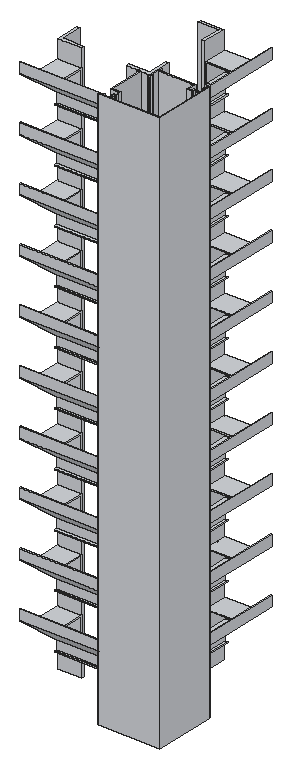
Revit family "ES-EL-4 (Box Corner)", category Mechanical Equipment, Revit 2015
Parameters
  URL = "http://unitedenertech.com/catalog/pdf/A_47%20ES-EL-4.pdf"
  Type Comments = "Size Limited to (12\"w x 12\"l)"
  Model = "ES-EL-4 (Box Corner)"
  Manufacturer = "United Enertech Corporation"
  Exact Height = 4' - 0"
  Description = "4\" Aluminum Equipment Screen Box Corner"
  Blade Spacing = 0' - 4.63"
  Blade Number [instance] = rounddown(Exact Height / 0' 4 161/256")  # 10
Reference planes (in)
  plane 1 "Center (Front/Back)": y = 0
  plane 2: z = 0
  plane 3 "Center (Left/Right)": x = 0
  plane 4: z = 48
  plane 5: x = -0.834
Forms (in)
  Extrusion 1, solid
    sketch origin (-14.58069, -2.54453, 0) x (1, 0, 0) y (0, 1, 0)
      loop
        line (12.58069, 2.54453) -> (14.58069, 2.54453) -> (14.58069, 4.54453) -> (14.33069, 4.54453) -> (14.33069, 2.79453) -> (12.58069, 2.79453) -> (12.58069, 2.54453)
    from 0 to 48
  Extrusion 2, solid
    sketch origin (1.86483, -3.79592, 0) x (-1, 0, 0) y (0, -1, 0)
      loop
        line (1.94583, -3.60792) -> (1.86483, -3.60792) -> (1.86483, -3.79592) -> (2.98983, -3.79592) -> (2.98983, -3.74592) -> (2.69883, -3.74592) -> (2.69883, -0.63392) -> (1.99183, -0.63392) -> (1.99183, -0.29592) -> (2.16083, -0.29592) -> (2.16083, 0.20408) -> (2.61783, 0.20408) -> (2.61783, 0.09708) -> (2.69883, 0.09708) -> (2.69883, 0.20408) -> (2.98983, 0.20408) -> (2.98983, 0.33708) -> (2.88037, 0.33708) -> (2.88037, 0.28508) -> (1.91083, 0.28508) -> (1.91083, 0.06608) -> (1.99183, 0.06608) -> (1.99183, 0.20408) -> (2.07983, 0.20408) -> (2.07983, -0.21492) -> (1.99183, -0.21492) -> (1.99183, -0.15292) -> (1.91083, -0.15292) -> (1.91083, -0.21492) -> (1.86483, -0.21492) -> (1.86483, -0.29592) -> (1.91083, -0.29592) -> (1.91083, -0.71492) -> (2.61783, -0.71492) -> (2.61783, -3.71492) -> (1.94583, -3.71492) -> (1.94583, -3.60792)
    from 0 to 48
  Extrusion 3, solid
    sketch origin (3.79592, -1.86483, 0) x (0, 1, 0) y (-1, 0, 0)
      loop
        line (1.94583, 3.60792) -> (1.94583, 3.71492) -> (2.61783, 3.71492) -> (2.61783, 0.71492) -> (1.91083, 0.71492) -> (1.91083, 0.29592) -> (1.86483, 0.29592) -> (1.86483, 0.21492) -> (1.91083, 0.21492) -> (1.91083, 0.15292) -> (1.99183, 0.15292) -> (1.99183, 0.21492) -> (2.07983, 0.21492) -> (2.07983, -0.20408) -> (1.99183, -0.20408) -> (1.99183, -0.06608) -> (1.91083, -0.06608) -> (1.91083, -0.28508) -> (2.88037, -0.28508) -> (2.88037, -0.33708) -> (2.98983, -0.33708) -> (2.98983, -0.20408) -> (2.69883, -0.20408) -> (2.69883, -0.09708) -> (2.61783, -0.09708) -> (2.61783, -0.20408) -> (2.16083, -0.20408) -> (2.16083, 0.29592) -> (1.99183, 0.29592) -> (1.99183, 0.63392) -> (2.69883, 0.63392) -> (2.69883, 3.74592) -> (2.98983, 3.74592) -> (2.98983, 3.79592) -> (1.86483, 3.79592) -> (1.86483, 3.60792) -> (1.94583, 3.60792)
    from 0 to 48
  Extrusion 4, solid
    sketch origin (0, 0, 0) x (1, 0, 0) y (0, 1, 0)
      loop
        line (-1.01554, -4.081) -> (-1.01554, -4.162) -> (4.162, -4.162) -> (4.162, 1.01554) -> (4.081, 1.01554) -> (4.081, -4.081) -> (-1.01554, -4.081)
    from 0 to 48
Dimensions and locks (in)
  "Exact Height": plane 4 to level
  nested 1 to Extrusion 4 = 0' - 11.99991"
  Extrusion 4 to nested 2 = 0' - 11.99991"
  equal spacing: group 1, group 2, group 3, group 4, group 5, group 6, group 7, group 15, group 16, group 17  (x2)
  equal spacing: group 17, group 16, group 15, group 7, group 6, group 5, group 4, group 3, group 2, group 1
  "Blade Spacing": nested 2 to nested 3
  equal spacing: group 8, group 9, group 10, group 11, group 12, group 13, group 14, group 18, group 19, group 20  (x2)
  equal spacing: group 20, group 19, group 18, group 14, group 13, group 12, group 11, group 10, group 9, group 8
  "Blade Spacing": nested 9 to nested 1
  aligned and locked: level to plane 2
  aligned and locked: Extrusion 2 to level
  aligned and locked: Extrusion 3 to level
  aligned and locked: Extrusion 1 to level
  aligned and locked: plane 4 to Extrusion 3
  aligned and locked: plane 4 to Extrusion 2
  aligned and locked: plane 4 to Extrusion 1
  aligned and locked: plane 4 to Extrusion 4
  aligned and locked: plane 5 to nested 1
  aligned and locked: nested 2 to plane 4
  aligned and locked: plane 4 to nested 1
  aligned and locked: nested 2 to nested 3
  aligned and locked: nested 9 to nested 1
  aligned and locked: nested 15 to nested 2
Automatic sketch dimensions
  plane 1 "Center (Front/Back)" to Extrusion 1 sketch curve = 0' - 0"
  Extrusion 1 sketch curve to plane 3 "Center (Left/Right)" = 0' - 0"
  Extrusion 1 sketch curve to plane 3 "Center (Left/Right)" = 0' - 0 1/4"
  Extrusion 1 sketch curve to Extrusion 1 sketch curve = 0' - 1 3/4"  (x2)
  Extrusion 1 sketch curve to plane 1 "Center (Front/Back)" = 0' - 0 1/4"
  plane 1 "Center (Front/Back)" to Extrusion 2 sketch curve = 0' - 0"
  Extrusion 2 sketch curve to plane 3 "Center (Left/Right)" = 0' - 0"  (x2)
  plane 3 "Center (Left/Right)" to Extrusion 2 sketch curve = 0' - 0.046"  (x3)
  plane 3 "Center (Left/Right)" to Extrusion 2 sketch curve = 0' - 0.081"
  Extrusion 2 sketch curve to Extrusion 2 sketch curve = 0' - 0.081"  (x9)
  Extrusion 2 sketch curve to Extrusion 2 sketch curve = 0' - 0.088"
  Extrusion 2 sketch curve to Extrusion 2 sketch curve = 0' - 0.457"  (x2)
  Extrusion 2 sketch curve to Extrusion 2 sketch curve = 0' - 0.18154"
  Extrusion 2 sketch curve to Extrusion 2 sketch curve = 0' - 0.291"
  Extrusion 2 sketch curve to Extrusion 2 sketch curve = 0' - 0.10946"
  Extrusion 2 sketch curve to plane 1 "Center (Front/Back)" = 0' - 0.05"
  Extrusion 2 sketch curve to plane 1 "Center (Front/Back)" = 0' - 0.081"
  Extrusion 2 sketch curve to Extrusion 2 sketch curve = 0' - 0.107"  (x2)
  Extrusion 2 sketch curve to Extrusion 2 sketch curve = 0' - 2.893"
  Extrusion 2 sketch curve to Extrusion 2 sketch curve = 0' - 0.338"
  Extrusion 2 sketch curve to Extrusion 2 sketch curve = 0' - 0"  (x2)
  Extrusion 2 sketch curve to Extrusion 2 sketch curve = 0' - 0.062"
  Extrusion 2 sketch curve to Extrusion 2 sketch curve = 0' - 0.219"
  Extrusion 2 sketch curve to Extrusion 2 sketch curve = 0' - 0.393"
  Extrusion 2 sketch curve to Extrusion 2 sketch curve = 0' - 0.138"  (x2)
  Extrusion 2 sketch curve to Extrusion 2 sketch curve = 0' - 0.052"
  plane 1 "Center (Front/Back)" to Extrusion 3 sketch curve = 0' - 0"  (x2)
  Extrusion 3 sketch curve to plane 3 "Center (Left/Right)" = 0' - 0"
  Extrusion 3 sketch curve to plane 1 "Center (Front/Back)" = 0' - 0.046"  (x3)
  Extrusion 3 sketch curve to plane 1 "Center (Front/Back)" = 0' - 0.081"
  Extrusion 3 sketch curve to Extrusion 3 sketch curve = 0' - 0.081"  (x9)
  Extrusion 3 sketch curve to Extrusion 3 sketch curve = 0' - 0.088"
  Extrusion 3 sketch curve to Extrusion 3 sketch curve = 0' - 0.457"  (x2)
  Extrusion 3 sketch curve to Extrusion 3 sketch curve = 0' - 0.18154"
  Extrusion 3 sketch curve to Extrusion 3 sketch curve = 0' - 0.291"
  Extrusion 3 sketch curve to Extrusion 3 sketch curve = 0' - 0.10946"
  plane 3 "Center (Left/Right)" to Extrusion 3 sketch curve = 0' - 0.05"
  plane 3 "Center (Left/Right)" to Extrusion 3 sketch curve = 0' - 0.081"
  Extrusion 3 sketch curve to Extrusion 3 sketch curve = 0' - 0.107"  (x2)
  Extrusion 3 sketch curve to Extrusion 3 sketch curve = 0' - 2.893"
  Extrusion 3 sketch curve to Extrusion 3 sketch curve = 0' - 0.338"
  Extrusion 3 sketch curve to Extrusion 3 sketch curve = 0' - 0"  (x2)
  Extrusion 3 sketch curve to Extrusion 3 sketch curve = 0' - 0.062"
  Extrusion 3 sketch curve to Extrusion 3 sketch curve = 0' - 0.219"
  Extrusion 3 sketch curve to Extrusion 3 sketch curve = 0' - 0.393"
  Extrusion 3 sketch curve to Extrusion 3 sketch curve = 0' - 0.138"  (x2)
  Extrusion 3 sketch curve to Extrusion 3 sketch curve = 0' - 0.052"
  Extrusion 4 sketch curve to plane 3 "Center (Left/Right)" = 0' - 1.01554"
  Extrusion 4 sketch curve to plane 1 "Center (Front/Back)" = 0' - 1.01554"
  plane 3 "Center (Left/Right)" to Extrusion 4 sketch curve = 0' - 4.162"
  plane 1 "Center (Front/Back)" to Extrusion 4 sketch curve = 0' - 4.081"
  Extrusion 4 sketch curve to Extrusion 4 sketch curve = 0' - 0.081"  (x2)
Nested families (in)
  nested 1: "ESEL4BLADE" at (-4.33595, -3.75488, 39.54991), type "ESEL4BLADE"
    with Blade Width 0' - 7 1/256"
  nested 2: "ESEL4BLADE" at (3.75488, 4.33595, 39.54991) x (0, -1, 0) z (0, 0, 1), type "ESEL4BLADE"
    with Blade Width 0' - 7 1/256"
  nested 3: "ESEL4BLADE" at (3.75488, 4.33595, 34.91991) x (0, -1, 0) z (0, 0, 1), type "ESEL4BLADE"
    with Blade Width 0' - 7 1/256"
  nested 4: "ESEL4BLADE" at (3.75488, 4.33595, 30.28991) x (0, -1, 0) z (0, 0, 1), type "ESEL4BLADE"
    with Blade Width 0' - 7 1/256"
  nested 5: "ESEL4BLADE" at (3.75488, 4.33595, 25.65991) x (0, -1, 0) z (0, 0, 1), type "ESEL4BLADE"
    with Blade Width 0' - 7 1/256"
  nested 6: "ESEL4BLADE" at (3.75488, 4.33595, 21.02991) x (0, -1, 0) z (0, 0, 1), type "ESEL4BLADE"
    with Blade Width 0' - 7 1/256"
  nested 7: "ESEL4BLADE" at (3.75488, 4.33595, 16.39991) x (0, -1, 0) z (0, 0, 1), type "ESEL4BLADE"
    with Blade Width 0' - 7 1/256"
  nested 8: "ESEL4BLADE" at (3.75488, 4.33595, 11.76991) x (0, -1, 0) z (0, 0, 1), type "ESEL4BLADE"
    with Blade Width 0' - 7 1/256"
  nested 9: "ESEL4BLADE" at (-4.33595, -3.75488, 34.91991), type "ESEL4BLADE"
    with Blade Width 0' - 7 1/256"
  nested 10: "ESEL4BLADE" at (-4.33595, -3.75488, 30.28991), type "ESEL4BLADE"
    with Blade Width 0' - 7 1/256"
  nested 11: "ESEL4BLADE" at (-4.33595, -3.75488, 25.65991), type "ESEL4BLADE"
    with Blade Width 0' - 7 1/256"
  nested 12: "ESEL4BLADE" at (-4.33595, -3.75488, 21.02991), type "ESEL4BLADE"
    with Blade Width 0' - 7 1/256"
  nested 13: "ESEL4BLADE" at (-4.33595, -3.75488, 16.39991), type "ESEL4BLADE"
    with Blade Width 0' - 7 1/256"
  nested 14: "ESEL4BLADE" at (-4.33595, -3.75488, 11.76991), type "ESEL4BLADE"
    with Blade Width 0' - 7 1/256"
  nested 15: "ESEL4BRACEFAM" at (0, 7.83791, 0) x (0, 1, 0) z (0, 0, 1), type "ESEL4BRACEFAM"
    with BN 10
  nested 16: "ESEL4BRACEFAM" at (-7.83791, 0, 0) x (-1, 0, 0) z (0, 0, 1), type "ESEL4BRACEFAM"
    with BN 10
  nested 17: "ESEL4BLADE" at (3.75488, 4.33595, 7.13991) x (0, -1, 0) z (0, 0, 1), type "ESEL4BLADE"
    with Blade Width 0' - 7 1/256"
  nested 18: "ESEL4BLADE" at (3.75488, 4.33595, 2.50991) x (0, -1, 0) z (0, 0, 1), type "ESEL4BLADE"
    with Blade Width 0' - 7 1/256"
  nested 19: "ESEL4BLADE" at (3.75488, 4.33595, -2.12009) x (0, -1, 0) z (0, 0, 1), type "ESEL4BLADE"
    with Blade Width 0' - 7 1/256"
  nested 20: "ESEL4BLADE" at (-4.33595, -3.75488, 7.13991), type "ESEL4BLADE"
    with Blade Width 0' - 7 1/256"
  nested 21: "ESEL4BLADE" at (-4.33595, -3.75488, 2.50991), type "ESEL4BLADE"
    with Blade Width 0' - 7 1/256"
  nested 22: "ESEL4BLADE" at (-4.33595, -3.75488, -2.12009), type "ESEL4BLADE"
    with Blade Width 0' - 7 1/256"
Definition of nested family "ESEL4BLADE"
  Parameters (values of type "ESEL4BLADE")
    Blade Width = 4' - 0"
  Reference planes (in)
    plane 1 "Center (Front/Back)": y = 0
    plane 2: z = 0
    plane 3 "Center (Left/Right)": x = 0
    plane 4: x = -24
    plane 5: x = 24
  Forms (in)
    Extrusion 1, solid
      sketch origin (-0.71801, -3.55122, 4.26923) x (0, 1, 0) y (0, 0, 1)
        loop
          line (3.33831, 4.18086) -> (3.25788, 4.18086) -> (3.25788, 3.28631) -> (7.22538, 0.12496) -> (7.22538, -0.63832) -> (6.98461, -0.63832) -> (6.98461, -0.71932) -> (7.3061, -0.71932) -> (7.3061, 0.16421) -> (6.61953, 0.71127) -> (6.67581, 0.7499) -> (6.70866, 0.80279) -> (6.71871, 0.85379) -> (6.71518, 0.8919) -> (6.63589, 0.8757)
          arc (6.63589, 0.8757) -> (6.50151, 0.80676) -> (6.5856, 0.93222) r 0.078
          line (6.5856, 0.93222) -> (6.60764, 1.01448) -> (6.54962, 1.01729) -> (6.47816, 0.99506) -> (6.43258, 0.95401) -> (6.40131, 0.88515) -> (4.60176, 2.31906) -> (4.6545, 2.35403) -> (4.69581, 2.42607) -> (4.69841, 2.49502) -> (4.67833, 2.55197) -> (4.60821, 2.50765)
          arc (4.60821, 2.50765) -> (4.50512, 2.39768) -> (4.53979, 2.54437) r 0.078
          line (4.53979, 2.54437) -> (4.53979, 2.62932) -> (4.47398, 2.61012) -> (4.42443, 2.57344) -> (4.40013, 2.53817) -> (4.38212, 2.49407) -> (3.33831, 3.32579) -> (3.33831, 4.18086)
      from -23.28199 to 24.71801
  Dimensions and locks (in)
    equal spacing: plane 4, plane 3 "Center (Left/Right)", plane 5
    "Blade Width": plane 4 to plane 5
    aligned and locked: level to plane 2
    aligned and locked: plane 5 to Extrusion 1
    aligned and locked: plane 4 to Extrusion 1
  Automatic sketch dimensions
    plane 1 "Center (Front/Back)" to Extrusion 1 sketch curve = 0' - 0.29334"
    Extrusion 1 sketch curve to Extrusion 1 sketch curve = 0' - 0.08044"
    Extrusion 1 sketch curve to plane 1 "Center (Front/Back)" = 0' - 0.83091"
    Extrusion 1 sketch curve to Extrusion 1 sketch curve = 0' - 0.018"
    Extrusion 1 sketch curve to Extrusion 1 sketch curve = 0' - 0.02431"
    Extrusion 1 sketch curve to Extrusion 1 sketch curve = 0' - 0.04955"
    Extrusion 1 sketch curve to Extrusion 1 sketch curve = 0' - 0.0658"
    Extrusion 1 sketch curve to Extrusion 1 sketch curve = 0' - 0.00222"
    Extrusion 1 sketch curve to Extrusion 1 sketch curve = 0' - 0.05975"  (x2)
    Extrusion 1 sketch curve to Extrusion 1 sketch curve = 0' - 0.06843"
    Extrusion 1 sketch curve to Extrusion 1 sketch curve = 0' - 0.05274"
    Extrusion 1 sketch curve to Extrusion 1 sketch curve = 0' - 0.07012"
    Extrusion 1 sketch curve to Extrusion 1 sketch curve = 0' - 0.04131"
    Extrusion 1 sketch curve to Extrusion 1 sketch curve = 0' - 0.02008"
    Extrusion 1 sketch curve to Extrusion 1 sketch curve = 0' - 1.74681"
    Extrusion 1 sketch curve to Extrusion 1 sketch curve = 0' - 0.03127"
    Extrusion 1 sketch curve to Extrusion 1 sketch curve = 0' - 0.04558"
    Extrusion 1 sketch curve to Extrusion 1 sketch curve = 0' - 0.07147"
    Extrusion 1 sketch curve to Extrusion 1 sketch curve = 0' - 0.01016"
    Extrusion 1 sketch curve to Extrusion 1 sketch curve = 0' - 0.02581"
    Extrusion 1 sketch curve to Extrusion 1 sketch curve = 0' - 0.05801"
    Extrusion 1 sketch curve to Extrusion 1 sketch curve = 0' - 0.05029"
    Extrusion 1 sketch curve to Extrusion 1 sketch curve = 0' - 0.05628"
    Extrusion 1 sketch curve to Extrusion 1 sketch curve = 0' - 0.03285"
    Extrusion 1 sketch curve to Extrusion 1 sketch curve = 0' - 0.0793"
    Extrusion 1 sketch curve to Extrusion 1 sketch curve = 0' - 0.00353"
    Extrusion 1 sketch curve to Extrusion 1 sketch curve = 0' - 0.36508"
    Extrusion 1 sketch curve to Extrusion 1 sketch curve = 0' - 0.24076"
    Extrusion 1 sketch curve to Extrusion 1 sketch curve = 0' - 0.08072"
    level to Extrusion 1 sketch curve = 0' - 3.54991"
    Extrusion 1 sketch curve to Extrusion 1 sketch curve = 0' - 0.081"
    Extrusion 1 sketch curve to Extrusion 1 sketch curve = 0' - 0.76328"
    Extrusion 1 sketch curve to Extrusion 1 sketch curve = 0' - 0.03925"
    Extrusion 1 sketch curve to Extrusion 1 sketch curve = 0' - 0.58631"
    Extrusion 1 sketch curve to Extrusion 1 sketch curve = 0' - 0.03864"
    Extrusion 1 sketch curve to Extrusion 1 sketch curve = 0' - 0.05288"
    Extrusion 1 sketch curve to Extrusion 1 sketch curve = 0' - 0.051"
    Extrusion 1 sketch curve to Extrusion 1 sketch curve = 0' - 0.00483"
    Extrusion 1 sketch curve to Extrusion 1 sketch curve = 0' - 0.01709"
    Extrusion 1 sketch curve to Extrusion 1 sketch curve = 0' - 0.02654"
    Extrusion 1 sketch curve to Extrusion 1 sketch curve = 0' - 0.03812"
    Extrusion 1 sketch curve to Extrusion 1 sketch curve = 0' - 0.06886"
    Extrusion 1 sketch curve to Extrusion 1 sketch curve = 0' - 0.04105"
    Extrusion 1 sketch curve to Extrusion 1 sketch curve = 0' - 0.08226"
    Extrusion 1 sketch curve to Extrusion 1 sketch curve = 0' - 0.00281"
    Extrusion 1 sketch curve to Extrusion 1 sketch curve = 0' - 1.36505"
    Extrusion 1 sketch curve to Extrusion 1 sketch curve = 0' - 0.03498"
    Extrusion 1 sketch curve to Extrusion 1 sketch curve = 0' - 0.07204"
    Extrusion 1 sketch curve to Extrusion 1 sketch curve = 0' - 0.11237"
    Extrusion 1 sketch curve to Extrusion 1 sketch curve = 0' - 0.02767"
    Extrusion 1 sketch curve to Extrusion 1 sketch curve = 0' - 0.06895"
    Extrusion 1 sketch curve to Extrusion 1 sketch curve = 0' - 0.04124"
    Extrusion 1 sketch curve to Extrusion 1 sketch curve = 0' - 0.0441"
    Extrusion 1 sketch curve to Extrusion 1 sketch curve = 0' - 0.05696"
    Extrusion 1 sketch curve to Extrusion 1 sketch curve = 0' - 0.03527"
    Extrusion 1 sketch curve to Extrusion 1 sketch curve = 0' - 0.03667"
    Extrusion 1 sketch curve to Extrusion 1 sketch curve = 0' - 0.0192"
    Extrusion 1 sketch curve to Extrusion 1 sketch curve = 0' - 0.74814"
    Extrusion 1 sketch curve to Extrusion 1 sketch curve = 0' - 0.03948"
    Extrusion 1 sketch curve to Extrusion 1 sketch curve = 0' - 0.85507"
Definition of nested family "ESEL4BRACEFAM"
  Parameters (values of type "ESEL4BRACEFAM")
    Bracing = 0' - 4.63"
    BN [instance] = rounddown(BH / 0' 4 161/256")  # 10
    BH = 4' - 0"
  Reference planes (in)
    plane 1 "Center (Front/Back)": y = 0
    plane 2: z = 0
    plane 3 "Center (Left/Right)": x = 0
    plane 4: z = 48
    plane 5: z = 46.46875
  Forms (in)
    Extrusion 1, solid
      sketch origin (-10.25943, -0.51941, 0) x (1, 0, 0) y (0, 1, 0)
        loop
          line (8.25943, 0.51941) -> (10.25943, 0.51941) -> (10.25943, 2.51941) -> (10.00943, 2.51941) -> (10.00943, 0.76941) -> (8.25943, 0.76941) -> (8.25943, 0.51941)
      from 0 to 48
  Dimensions and locks (in)
    "BH": plane 4 to level
    locked: plane 4 to plane 5 at 1.53125
    equal spacing: group 1, group 2, group 3, group 4, group 5, group 6, group 7, group 8, group 9, group 10  (x2)
    equal spacing: group 10, group 9, group 8, group 7, group 6, group 5, group 4, group 3, group 2, group 1
    "Bracing": nested 2 to nested 1
    aligned and locked: level to plane 2
    aligned and locked: plane 4 to Extrusion 1
    aligned and locked: Extrusion 1 to level
    aligned and locked: plane 3 "Center (Left/Right)" to nested 1
    aligned and locked: plane 3 "Center (Left/Right)" to Extrusion 1
    aligned and locked: plane 5 to nested 1
    aligned and locked: nested 2 to nested 1
  Automatic sketch dimensions
    plane 1 "Center (Front/Back)" to Extrusion 1 sketch curve = 0' - 0"
    Extrusion 1 sketch curve to plane 3 "Center (Left/Right)" = 0' - 0"
    Extrusion 1 sketch curve to plane 3 "Center (Left/Right)" = 0' - 0 1/4"
    Extrusion 1 sketch curve to Extrusion 1 sketch curve = 0' - 1 3/4"  (x2)
    Extrusion 1 sketch curve to plane 1 "Center (Front/Back)" = 0' - 0 1/4"
  Nested families (in)
    nested 1: "ESEL4BRACE" at (-1, -4.058, 39.53594), type "ESEL4BRACE"
    nested 2: "ESEL4BRACE" at (-1, -4.058, 34.90594), type "ESEL4BRACE"
    nested 3: "ESEL4BRACE" at (-1, -4.058, 30.27594), type "ESEL4BRACE"
    nested 4: "ESEL4BRACE" at (-1, -4.058, 25.64594), type "ESEL4BRACE"
    nested 5: "ESEL4BRACE" at (-1, -4.058, 21.01594), type "ESEL4BRACE"
    nested 6: "ESEL4BRACE" at (-1, -4.058, 16.38594), type "ESEL4BRACE"
    nested 7: "ESEL4BRACE" at (-1, -4.058, 11.75594), type "ESEL4BRACE"
    nested 8: "ESEL4BRACE" at (-1, -4.058, 7.12594), type "ESEL4BRACE"
    nested 9: "ESEL4BRACE" at (-1, -4.058, 2.49594), type "ESEL4BRACE"
    nested 10: "ESEL4BRACE" at (-1, -4.058, -2.13406), type "ESEL4BRACE"
  Definition of nested family "ESEL4BRACE"
    Parameters (values of type "ESEL4BRACE")
      Brace Length = 0' - 2"
    Reference planes (in)
      plane 1 "Center (Front/Back)": y = 0
      plane 2: z = 0
      plane 3 "Center (Left/Right)": x = 0
      plane 4: x = -1
      plane 5: x = 1
    Forms (in)
      Extrusion 1, solid
        sketch origin (0.54365, -3.88733, 3.34368) x (0, 1, 0) y (0, 0, 1)
          loop
            arc (5.20403, 3.46709) -> (5.17014, 3.35625) -> (5.25491, 3.4353) r 0.06
            line (5.25491, 3.4353) -> (5.2923, 3.49513) -> (7.85133, 3.49513) -> (7.85133, 1.96548) -> (7.35816, 1.96548) -> (7.22451, 1.84086)
            arc (7.22451, 1.84086) -> (7.16309, 1.74256) -> (7.26543, 1.79698) r 0.06
            line (7.26543, 1.79698) -> (7.34533, 1.87148) -> (7.94533, 1.87148) -> (7.94533, 3.58913) -> (5.28029, 3.58913) -> (5.20403, 3.46709)
        from -1.54365 to 0.45635
    Dimensions and locks (in)
      equal spacing: plane 4, plane 3 "Center (Left/Right)", plane 5
      "Brace Length": plane 4 to plane 5
      aligned and locked: level to plane 2
      aligned and locked: plane 4 to Extrusion 1
      aligned and locked: plane 5 to Extrusion 1
    Automatic sketch dimensions
      Extrusion 1 sketch curve to plane 1 "Center (Front/Back)" = 0' - 1.31461"
      Extrusion 1 sketch curve to Extrusion 1 sketch curve = 0' - 0.00209"
      Extrusion 1 sketch curve to Extrusion 1 sketch curve = 0' - 0.05088"
      Extrusion 1 sketch curve to Extrusion 1 sketch curve = 0' - 0.07626"
      Extrusion 1 sketch curve to Extrusion 1 sketch curve = 0' - 0.03739"
      Extrusion 1 sketch curve to Extrusion 1 sketch curve = 0' - 1.95206"
      Extrusion 1 sketch curve to Extrusion 1 sketch curve = 0' - 0.01754"
      Extrusion 1 sketch curve to Extrusion 1 sketch curve = 0' - 0.05846"
      Extrusion 1 sketch curve to Extrusion 1 sketch curve = 0' - 0.07989"
      Extrusion 1 sketch curve to Extrusion 1 sketch curve = 0' - 0.01283"
      Extrusion 1 sketch curve to Extrusion 1 sketch curve = 0' - 0.49318"
      Extrusion 1 sketch curve to Extrusion 1 sketch curve = 0' - 0.094"  (x3)
      level to Extrusion 1 sketch curve = 0' - 5.12716"
      Extrusion 1 sketch curve to Extrusion 1 sketch curve = 0' - 0.0135"
      Extrusion 1 sketch curve to Extrusion 1 sketch curve = 0' - 0.0745"
      Extrusion 1 sketch curve to Extrusion 1 sketch curve = 0' - 1.56627"
      Extrusion 1 sketch curve to Extrusion 1 sketch curve = 0' - 0.02817"
      Extrusion 1 sketch curve to Extrusion 1 sketch curve = 0' - 0.05983"
